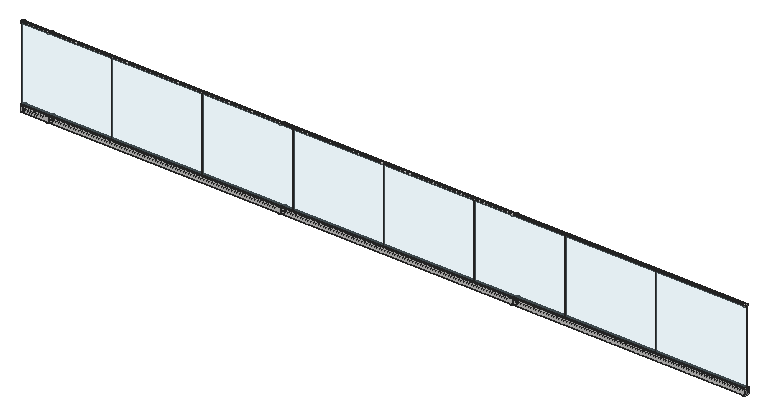
Revit family "34_LB_UNIQ_SB-O1S", category Generic Models, Revit 2016
Family settings
  Part Type = Normal
  Can host rebar = No
  Round Connector Dimension = Use Diameter
  Work Plane-Based = No
  Cut with Voids When Loaded = No
  Shared = No
  Room Calculation Point = No
Parameters (values of type "UNIQ_SB-O1S")
  verplatsing_passtuk [instance] = if(Passtuk_zichtbaar_omgekeerd, 0 mm, 100 mm)  # 0 mm
  Verstelbaar profiel = "nee"
  Uitvoering = "RVS look (standaard) materiaal is geanodiseerd en geschik voor binnen en buitengebruik."
  URL = "https://uniq-balustrades.com/profielen/top-mounted-o-small/uniq-sb-o-1s/"
  Profiel_zichtbaar_2 [instance] = [built-in parameter 1001306] > 7999 mm  # yes
  Profiel_zichtbaar_1 [instance] = and([built-in parameter 1001306] > 3999 mm, [built-in parameter 1001306] < 8000 mm)  # no
  Profiel_breedte_vast [instance] = 4000 mm  # constant formula
  Passtuk_zichtbaar_omgekeerd [instance] = not(Passtuk_zichtbaar)  # yes
  Passtuk_zichtbaar [instance] = or([built-in parameter 1001306] = 4000 mm, [built-in parameter 1001306] = 8000 mm, [built-in parameter 1001306] = 12000 mm, [built-in parameter 1001306] = 16000 mm, [built-in parameter 1001306] = 20000 mm, [built-in parameter 1001306] = 24000 mm, [built-in parameter 1001306] = 28000 mm, [built-in parameter 1001306] = 32000 mm, [built-in parameter 1001306] = 40000 mm)  # no
  Model = "UNIQ_SB-O1S"
  Materiaal_ribber = Rubber
  Materiaal_profiel = Aluminium
  Materiaal_pakking = Pakking
  Materiaal_glas = Glass
  Materiaal_afdekker = Aluminium
  Manufacturer = "SB Railing"
  built-in parameter 1001306 [instance] = 12500 mm
  Krachten = "Geschikt voor maximaal 1 KN"
  IsExternal [instance] = no
  IfcExportAs = "IfcRailing"
  Hoogte_railing [instance] = 1400 mm
  Hoogte_glas [instance] = Hoogte_railing - 16.7 mm - 21.9 mm  # 1361.4 mm
  Glas_dikte = 21.5 mm
  Gasdiktes = "Geschikt voor 8/8 pvb, 10/10 pvb en 15"
  FireRating [instance] = "0"
  Dikte_glas = 21.5 mm
  Description = "UNIQ SB-O1S | VLOERMONTAGE"
  Cover_front_CF-320 = no
  Cover_front_CF-312 = no
  Cover_front_CF-303 = no
  Cover_front_CF-300 = yes
  Breedte_passtuk [instance] = if([built-in parameter 1001306] > 8000 mm, [built-in parameter 1001306] - (Aantal_profielen * Profiel_breedte_vast), [built-in parameter 1001306] - 4000 mm)  # 500 mm
  Breedte_glasplaten [instance] = ([built-in parameter 1001306] - ((Aantal_glasplaten - 1) * 10 mm)) / Aantal_glasplaten  # 1553.75 mm
  Bovenrailing = yes
  Ber_breedte_passtuk_4 [instance] = if([built-in parameter 1001306] > 4000 mm, Ber_breedte_passtuk_3 - 4 mm, Ber_breedte_passtuk_3)  # 496 mm
  Ber_breedte_passtuk_3 [instance] = if(Passtuk_zichtbaar_omgekeerd, Ber_breedte_passtuk_2, 100 mm)  # 500 mm
  Ber_breedte_passtuk_2 [instance] = if([built-in parameter 1001306] > 4000 mm, Breedte_passtuk, [built-in parameter 1001306])  # 500 mm
  Ber_breedte_passtuk_5 [instance] = if([built-in parameter 1001306] > 8000 mm, Ber_breedte_passtuk_3 - (Aantal_profielen * 4 mm), Ber_breedte_passtuk_4)  # 488 mm
  Assembly Code = "34.11"
  Aantal_profielen [instance] = if([built-in parameter 1001306] < 8000 mm, 2, ([built-in parameter 1001306] / 4000 mm) - 0.5)  # 3
  Aantal_glasplaten [instance] = 8
Reference planes
  plane 1 "Center (Front/Back)": y = 0
  plane 2: z = 0
  plane 3 "Left": x = 0
  plane 4 "Right": x = 12500
  plane 5: through (0, 2, 1219.2) normal (-0.7071, 0.7071, 0)
  plane 6: x = 488
  plane 7: x = 0
  plane 8: x = 4492
  plane 9: x = 492
  plane 10: x = 4496
  plane 11: z = 1400
  plane 12: z = 23
Lines and regions (mm)
  reference lines
    curve 1: line (0, 0, 0) -> (12500, 0, 0)
Dimensions and locks
  "built-in parameter 1001306": plane 3 "Left" to plane 4 "Right"
  plane 3 "Left" to plane 4 "Right" = 12500 mm
  "verplatsing_passtuk": plane 7 to plane 3 "Left"
  equal spacing: group 1, group 2, group 3  (x3)
  plane 6 to plane 8 = 4004 mm
  locked: plane 6 to plane 9 at 4
  locked: plane 8 to plane 10 at 4
  "Ber_breedte_passtuk_5": plane 7 to plane 6
  nested 6 to nested 6 = 10 mm
  "Hoogte_railing": plane 11 to level
  plane 12 to level = 23 mm  (x2)
  aligned and locked: plane 4 "Right" to curve 1
  aligned and locked: plane 1 "Center (Front/Back)" to curve 1
  aligned and locked: plane 3 "Left" to curve 1
  aligned and locked: level to plane 2
  aligned and locked: nested 1 to level
  aligned and locked: nested 2 to level
  aligned and locked: nested 3 to level
  aligned and locked: plane 7 to nested 2  (x2)
  aligned and locked: plane 1 "Center (Front/Back)" to nested 2
  aligned and locked: plane 1 "Center (Front/Back)" to nested 1
  aligned and locked: plane 1 "Center (Front/Back)" to nested 3
  aligned and locked: nested 4 to level
  aligned and locked: plane 9 to nested 3
  aligned and locked: plane 9 to nested 1
  aligned and locked: plane 10 to nested 4
  aligned and locked: plane 3 "Left" to nested 5
Nested families
  nested 1: "UNIQ_SB-O1S" at (492, 0, 0), Lengte <- "built-in parameter 1001306", Ber_Lengte <- "Profiel_breedte_vast", visible <- "Profiel_zichtbaar_1", Hoogte <- "Hoogte_railing", Bovenrailing <- "Bovenrailing", type "UNIQ_SB-A1_8.8.2"
    with Rubber Rubber, Pakking Rubber, Materiaal_profiel Aluminium, Materiaal_afdekker Aluminium, Lengte_schroef 3950 mm, Lengte 12500 mm, Hoogte 1400 mm, HOH_schroef 100 mm, HOH_boorgat_onder 600 mm, HOH_boorgat 300 mm, Bovenrailing yes, Ber_Lengte 4000 mm, Aantal_boorgat_onder 7, Aantal_boorgat 13, Aantal 40
  nested 2: "UNIQ_SB-O1S" at (0, 0, 0), Lengte <- "built-in parameter 1001306", Ber_Lengte <- "Ber_breedte_passtuk_5", visible <- "Passtuk_zichtbaar_omgekeerd", Hoogte <- "Hoogte_railing", Bovenrailing <- "Bovenrailing", type "UNIQ_SB-A1_8.8.2"
    with Rubber Rubber, Pakking Rubber, Materiaal_profiel Aluminium, Materiaal_afdekker Aluminium, Lengte_schroef 438 mm, Lengte 12500 mm, Hoogte 1400 mm, HOH_schroef 100 mm, HOH_boorgat_onder 600 mm, HOH_boorgat 300 mm, Bovenrailing yes, Ber_Lengte 488 mm, Aantal_boorgat_onder 2, Aantal_boorgat 2, Aantal 4
  nested 3: "UNIQ_SB-O1S" at (492, 0, 0), Lengte <- "built-in parameter 1001306", Ber_Lengte <- "Profiel_breedte_vast", visible <- "Profiel_zichtbaar_2", Hoogte <- "Hoogte_railing", Bovenrailing <- "Bovenrailing", Materiaal_afdekker <- "Materiaal_afdekker", Materiaal_profiel <- "Materiaal_profiel", Pakking <- "Materiaal_pakking", Rubber <- "Materiaal_ribber", type "UNIQ_SB-A1_8.8.2"
    with Rubber Rubber, Pakking Pakking, Materiaal_profiel Aluminium, Materiaal_afdekker Aluminium, Lengte_schroef 3950 mm, Lengte 12500 mm, Hoogte 1400 mm, HOH_schroef 100 mm, HOH_boorgat_onder 600 mm, HOH_boorgat 300 mm, Bovenrailing yes, Ber_Lengte 4000 mm, Aantal_boorgat_onder 7, Aantal_boorgat 13, Aantal 40
  nested 4: "UNIQ_SB-O1S" at (4496, 0, 0), Lengte <- "built-in parameter 1001306", Ber_Lengte <- "Profiel_breedte_vast", visible <- "Profiel_zichtbaar_2", Hoogte <- "Hoogte_railing", Bovenrailing <- "Bovenrailing", Materiaal_afdekker <- "Materiaal_afdekker", Materiaal_profiel <- "Materiaal_profiel", Pakking <- "Materiaal_pakking", Rubber <- "Materiaal_ribber", type "UNIQ_SB-A1_8.8.2"
    with Rubber Rubber, Pakking Pakking, Materiaal_profiel Aluminium, Materiaal_afdekker Aluminium, Lengte_schroef 3950 mm, Lengte 12500 mm, Hoogte 1400 mm, HOH_schroef 100 mm, HOH_boorgat_onder 600 mm, HOH_boorgat 300 mm, Bovenrailing yes, Ber_Lengte 4000 mm, Aantal_boorgat_onder 7, Aantal_boorgat 13, Aantal 40
  nested 5: "34_glasplaat_tbv_railing_V2" at (0, 3.25, 23), Dikte_glas <- "Dikte_glas", Hoogte_glas <- "Hoogte_glas", Aantal_glasplaten <- "Aantal_glasplaten", Ber_lengte <- "built-in parameter 1001306", type "34_glasplaat_tbv_railing_V2"
    with Lengte 12510 mm, Hoogte_glas 1361.4 mm, Dikte_glas 21.5 mm, Breedte_glasplaat 1563.75 mm, Ber_lengte 12500 mm, Aantal_glasplaten 8
  nested 6: "34_glasplaat" at (10936.25, 3.25, 23), type "34_glasplaat"
    with Lengte 1563.75 mm, Hoogte 1361.4 mm, Glas_dikte 21.5 mm, Glas_breedte 1553.75 mm, Glas Glass
  nested 7: "34_glasplaat" at (-10, 3.25, 23), type "34_glasplaat"
    with Lengte 1563.75 mm, Hoogte 1361.4 mm, Glas_dikte 21.5 mm, Glas_breedte 1553.75 mm, Glas Glass
  nested 8: "34_glasplaat" at (9372.5, 3.25, 23), type "34_glasplaat"
    with Lengte 1563.75 mm, Hoogte 1361.4 mm, Glas_dikte 21.5 mm, Glas_breedte 1553.75 mm, Glas Glass
  nested 9: "34_glasplaat" at (7808.75, 3.25, 23), type "34_glasplaat"
    with Lengte 1563.75 mm, Hoogte 1361.4 mm, Glas_dikte 21.5 mm, Glas_breedte 1553.75 mm, Glas Glass
  nested 10: "34_glasplaat" at (6245, 3.25, 23), type "34_glasplaat"
    with Lengte 1563.75 mm, Hoogte 1361.4 mm, Glas_dikte 21.5 mm, Glas_breedte 1553.75 mm, Glas Glass
  nested 11: "34_glasplaat" at (4681.25, 3.25, 23), type "34_glasplaat"
    with Lengte 1563.75 mm, Hoogte 1361.4 mm, Glas_dikte 21.5 mm, Glas_breedte 1553.75 mm, Glas Glass
  nested 12: "34_glasplaat" at (3117.5, 3.25, 23), type "34_glasplaat"
    with Lengte 1563.75 mm, Hoogte 1361.4 mm, Glas_dikte 21.5 mm, Glas_breedte 1553.75 mm, Glas Glass
  nested 13: "34_glasplaat" at (1553.75, 3.25, 23), type "34_glasplaat"
    with Lengte 1563.75 mm, Hoogte 1361.4 mm, Glas_dikte 21.5 mm, Glas_breedte 1553.75 mm, Glas Glass
  nested 14: "UNIQ_SB-O1S" at (8500, 0, 0), Lengte <- "built-in parameter 1001306", Ber_Lengte <- "Profiel_breedte_vast", visible <- "Profiel_zichtbaar_2", Hoogte <- "Hoogte_railing", Bovenrailing <- "Bovenrailing", Materiaal_afdekker <- "Materiaal_afdekker", Materiaal_profiel <- "Materiaal_profiel", Pakking <- "Materiaal_pakking", Rubber <- "Materiaal_ribber", type "UNIQ_SB-A1_8.8.2"
    with Rubber Rubber, Pakking Pakking, Materiaal_profiel Aluminium, Materiaal_afdekker Aluminium, Lengte_schroef 3950 mm, Lengte 12500 mm, Hoogte 1400 mm, HOH_schroef 100 mm, HOH_boorgat_onder 600 mm, HOH_boorgat 300 mm, Bovenrailing yes, Ber_Lengte 4000 mm, Aantal_boorgat_onder 7, Aantal_boorgat 13, Aantal 40
Definition of nested family "UNIQ_SB-O1S"
  Parameters (values of type "UNIQ_SB-O0.5S")
    Rubber [instance] = none
    Pakking [instance] = none
    Materiaal_profiel [instance] = none
    Materiaal_afdekker [instance] = none
    Lengte_schroef [instance] = Ber_Lengte - 50 mm  # 1200 mm
    Lengte [instance] = 1250 mm
    Hoogte [instance] = 1200 mm
    HOH_schroef [instance] = if(Ber_Lengte > 200 mm, 100 mm, 20 mm)  # 100 mm
    HOH_boorgat_onder [instance] = 600 mm
    HOH_boorgat [instance] = 300 mm
    Bovenrailing [instance] = yes
    Ber_Lengte [instance] = 1250 mm
    Aantal_boorgat_onder [instance] = if(Ber_Lengte > 900 mm, Ber_Lengte / HOH_boorgat_onder, 2)  # 2
    Aantal_boorgat [instance] = if(Ber_Lengte > 450 mm, Ber_Lengte / HOH_boorgat, 2)  # 4
    Aantal [instance] = Lengte_schroef / HOH_schroef  # 12
  Types (2): name
    UNIQ_SB-O0.5S
    UNIQ_SB-A1_8.8.2
  Reference planes
    plane 1 "Center (Front/Back)": y = 0
    plane 2: z = 0
    plane 3 "Center (Left/Right)": x = 0
    plane 4: x = 1250
    plane 5: x = 50
    plane 6: y = 15.517
    plane 7: x = 200
    plane 8: x = 1254
    plane 9: z = 1200
    plane 10: z = 1181.136
  Forms (mm)
    Sweep 1, solid, material <- "Materiaal_profiel"
      path origin (0, -19, 0) x (1, 0, 0) y (0, 1, 0)
        loop
          line (0, 0) -> (1250, 0)
      profile "Profiel_SB-O1S : Profiel_SB-A2" origin (625, -19, 0) x (0, 1, 0) y (0, 0, 1)
        loop
          arc (4, 7.5) -> (4.146, 7.146) -> (4.5, 7) r 0.5
          line (4.5, 7) -> (33.5, 7)
          arc (33.5, 7) -> (33.854, 7.146) -> (34, 7.5) r 0.5
          line (34, 7.5) -> (34, 19)
          arc (34, 19) -> (33.854, 19.354) -> (33.5, 19.5) r 0.5
          line (33.5, 19.5) -> (4.5, 19.5)
          arc (4.5, 19.5) -> (4.146, 19.354) -> (4, 19) r 0.5
          line (4, 19) -> (4, 7.5)
        loop
          arc (54, 111.5) -> (53.854, 111.854) -> (53.5, 112) r 0.5
          line (53.5, 112) -> (34, 112) -> (34, 22) -> (18.292, 22) -> (4.916, 22) -> (-7, 67.005) -> (-7, 101) -> (-8.6, 101) -> (-8.6, 112) -> (-10.1, 112) -> (-10.1, 109) -> (-11.5, 109) -> (-11.5, 112) -> (-13, 112) -> (-13, 1)
          arc (-13, 1) -> (-12.707, 0.293) -> (-12, 0) r 1
          line (-12, 0) -> (3, 0)
          arc (3, 0) -> (3.707, 0.293) -> (4, 1) r 1
          line (4, 1) -> (4, 2) -> (19.507, 2) -> (34, 2) -> (34, 1)
          arc (34, 1) -> (34.293, 0.293) -> (35, 0) r 1
          line (35, 0) -> (53, 0)
          arc (53, 0) -> (53.707, 0.293) -> (54, 1) r 1
          line (54, 1) -> (54, 111.5)
    Sweep 2, solid, material <- "Pakking"
      path origin (0, -639, 0) x (1, 0, 0) y (0, 1, 0)
        loop
          line (0, 620) -> (1250, 620)
      profile "Rubber_onder_SB-O1S : Rubber_onder" origin (625, -19, 0) x (0, 1, 0) y (0, 0, 1)
        loop
          line (34, 23) -> (9.48, 23) -> (9.48, 22) -> (34, 22) -> (34, 23)
    Sweep 3, solid, material <- "Pakking"
      path origin (0, -899, 0) x (1, 0, 0) y (0, 1, 0)
        loop
          line (0, 880) -> (1250, 880)
      profile "Rubber_achter_SB-O1S : Rubber_voor" origin (625, -19, 0) x (0, 1, 0) y (0, 0, 1)
        loop
          line (11.48, 103) -> (9.48, 103) -> (9.48, 23) -> (11.48, 23) -> (11.48, 103)
    Sweep 4, solid
      path origin (0, -1119, 0) x (1, 0, 0) y (0, 1, 0)
        loop
          line (0, 1100) -> (1250, 1100)
      profile "Stelprofiel_01_SB-O1S : Stelprofiel_01" origin (625, -19, 0) x (0, 1, 0) y (0, 0, 1)
        loop
          line (8.98, 98.359) -> (2.98, 98.359)
          arc (2.98, 98.359) -> (2.626, 98.212) -> (2.48, 97.859) r 0.5
          line (2.48, 97.859) -> (2.48, 95.859)
          arc (2.48, 95.859) -> (2.334, 95.505) -> (1.98, 95.359) r 0.5
          line (1.98, 95.359) -> (0.48, 95.359)
          arc (0.48, 95.359) -> (0.126, 95.212) -> (-0.02, 94.859) r 0.5
          line (-0.02, 94.859) -> (-0.02, 79.859)
          arc (-0.02, 79.859) -> (0.126, 79.505) -> (0.48, 79.359) r 0.5
          line (0.48, 79.359) -> (2.48, 79.359) -> (2.48, 77.359) -> (4.481, 38.336) -> (4.481, 36.359)
          arc (4.481, 36.359) -> (4.335, 36.005) -> (3.981, 35.859) r 0.5
          line (3.981, 35.859) -> (1.223, 35.859) -> (3.233, 28.359) -> (8.98, 28.359)
          arc (8.98, 28.359) -> (9.334, 28.505) -> (9.48, 28.859) r 0.5
          line (9.48, 28.859) -> (9.48, 97.859)
          arc (9.48, 97.859) -> (9.334, 98.212) -> (8.98, 98.359) r 0.5
    Sweep 5, solid, material <- "Materiaal_afdekker"
      path origin (0, -2079, 0) x (1, 0, 0) y (0, 1, 0)
        loop
          line (0, 2060) -> (1250, 2060)
      profile "Afdekker_achter_01_SB-O1S : Afdekker_achter_01" origin (625, -19, 0) x (0, 1, 0) y (0, 0, 1)
        loop
          line (-13, 113.3) -> (-13, 112) -> (-11.5, 112) -> (-11.5, 109) -> (-10.1, 109) -> (-10.1, 112) -> (-8.6, 112) -> (-8.6, 101) -> (-7, 101) -> (-7, 112.2) -> (-1.1, 112.2) -> (-1.1, 105.1) -> (8.011, 105.1) -> (8.011, 106.2) -> (0, 106.2) -> (0, 112.2) -> (8.011, 112.2) -> (8.011, 113.3) -> (-13, 113.3)
    Sweep 6, solid, material <- "Rubber"
      path origin (0, -1359, 0) x (1, 0, 0) y (0, 1, 0)
        loop
          line (0, 1340) -> (1250, 1340)
      profile "Afdekker_achter_02_SB-O1S : Afdekker_achter_02" origin (625, -19, 0) x (0, 1, 0) y (0, 0, 1)
        loop
          line (8.813, 107.095) -> (11.48, 115.73) -> (11.48, 116.73) -> (10.48, 116.73) -> (8.844, 112.2) -> (1.91, 112.2) -> (0, 110.966) -> (0, 107.434) -> (1.91, 106.2) -> (8.811, 106.2) -> (8.813, 107.095)
    Sweep 7, solid, not visible
      path origin (-1900, -1400, 0) x (1, 0, 0) y (0, 1, 0)
        loop
          line (621, 1400) -> (629, 1400)
      profile "Stelprofiel_02 : Stelprofiel_02" origin (-1275, 0, 0) x (0, 1, 0) y (0, 0, 1)
        loop
          line (9, 166.532) -> (13.74, 166.532) -> (13.74, 174.532) -> (9, 174.532) -> (9, 166.532)
    Sweep 8, solid, not visible
      path origin (-1900, -1680, 0) x (1, 0, 0) y (0, 1, 0)
        loop
          line (617.493, 1680) -> (632.507, 1680)
      profile "Stelprofiel_03 : Stelprofiel_03" origin (-1275, 0, 0) x (0, 1, 0) y (0, 0, 1)
        loop
          line (9, 163.024) -> (9, 178.039) -> (6.758, 178.039) -> (6, 176.096) -> (6, 164.966) -> (6.757, 163.024) -> (9, 163.024)
    Extrusion 9, void, not visible
      sketch origin (-1279, 13.74, 174.532) x (-1, 0, 0) y (0, 0, -1)
        loop
          line (-9, 9) -> (-9, -1) -> (1, -1) -> (1, 9) -> (-9, 9)
        loop
          circle (-4, 4) r 4
      from -7.62 to 4.74
    Extrusion 10, void, not visible
      sketch origin (-1279, 13.74, 174.532) x (-1, 0, 0) y (0, 0, -1)
        loop
          line (-12.507, -4.507) -> (4.507, -4.507) -> (4.507, 12.507) -> (-12.507, 12.507) -> (-12.507, -4.507)
        loop
          line (-6.507, 11.507) -> (-11.507, 6.507) -> (-11.507, 1.493) -> (-6.507, -3.507) -> (-1.493, -3.507) -> (3.507, 1.493) -> (3.507, 6.507) -> (-1.493, 11.507) -> (-6.507, 11.507)
      from 4.74 to 9.74
    Sweep 11, solid, not visible
      path origin (-1900, -1400, 0) x (1, 0, 0) y (0, 1, 0)
        loop
          line (621, 1400) -> (629, 1400)
      profile "Stelprofiel_02 : Stelprofiel_02" origin (-1275, 0, 0) x (0, 1, 0) y (0, 0, 1)
        loop
          line (9, 166.532) -> (13.74, 166.532) -> (13.74, 174.532) -> (9, 174.532) -> (9, 166.532)
    Sweep 12, solid, not visible
      path origin (-1900, -1680, 0) x (1, 0, 0) y (0, 1, 0)
        loop
          line (617.493, 1680) -> (632.507, 1680)
      profile "Stelprofiel_03 : Stelprofiel_03" origin (-1275, 0, 0) x (0, 1, 0) y (0, 0, 1)
        loop
          line (9, 163.024) -> (9, 178.039) -> (6.758, 178.039) -> (6, 176.096) -> (6, 164.966) -> (6.757, 163.024) -> (9, 163.024)
    Extrusion 13, void, not visible
      sketch origin (-1279, 13.74, 174.532) x (-1, 0, 0) y (0, 0, -1)
        loop
          line (-9, 9) -> (-9, -1) -> (1, -1) -> (1, 9) -> (-9, 9)
        loop
          circle (-4, 4) r 4
      from -7.62 to 4.74
    Extrusion 14, void, not visible
      sketch origin (-1279, 13.74, 174.532) x (-1, 0, 0) y (0, 0, -1)
        loop
          line (-12.507, -4.507) -> (4.507, -4.507) -> (4.507, 12.507) -> (-12.507, 12.507) -> (-12.507, -4.507)
        loop
          line (-6.507, 11.507) -> (-11.507, 6.507) -> (-11.507, 1.493) -> (-6.507, -3.507) -> (-1.493, -3.507) -> (3.507, 1.493) -> (3.507, 6.507) -> (-1.493, 11.507) -> (-6.507, 11.507)
      from 4.74 to 9.74
    Extrusion 15, void, not visible
      sketch origin (210, 7, 13.764) x (-1, 0, 0) y (0, 0, 1)
        loop
          circle (112.168, 86.236) r 22.5
      from 34.517 to 87
    Extrusion 16, void, not visible
      sketch origin (210, 0, 13.5) x (1, 0, 0) y (0, 0, 1)
        loop
          arc (-117.168, 93.5) -> (-124.168, 86.5) -> (-117.168, 79.5) r 7
          line (-117.168, 79.5) -> (-107.168, 79.5)
          arc (-107.168, 79.5) -> (-100.168, 86.5) -> (-107.168, 93.5) r 7
          line (-107.168, 93.5) -> (-117.168, 93.5)
      from -6.381 to 4.008
    Extrusion 17, void
      sketch origin (274.606, 15.257, 26) x (1, 0, 0) y (0, 1, 0)
        loop
          arc (-80.411, -8.257) -> (-86.618, -15.636) -> (-79.607, -22.257) r 7.023
          line (-79.607, -22.257) -> (-69.606, -22.257)
          arc (-69.606, -22.257) -> (-62.606, -15.257) -> (-69.606, -8.257) r 7
          line (-69.606, -8.257) -> (-80.411, -8.257)
      from -24 to -19
    Extrusion 18, void, not visible
      sketch origin (274.606, 34.257, 26) x (1, 0, 0) y (0, 1, 0)
        loop
          arc (-80.411, -8.257) -> (-86.618, -15.636) -> (-79.607, -22.257) r 7.023
          line (-79.607, -22.257) -> (-69.606, -22.257)
          arc (-69.606, -22.257) -> (-62.606, -15.257) -> (-69.606, -8.257) r 7
          line (-69.606, -8.257) -> (-80.411, -8.257)
      from -24 to -19
    Extrusion 19, void
      sketch origin (874.606, 15.257, 26) x (1, 0, 0) y (0, 1, 0)
        loop
          arc (-80.411, -8.257) -> (-86.618, -15.636) -> (-79.607, -22.257) r 7.023
          line (-79.607, -22.257) -> (-69.606, -22.257)
          arc (-69.606, -22.257) -> (-62.606, -15.257) -> (-69.606, -8.257) r 7
          line (-69.606, -8.257) -> (-80.411, -8.257)
      from -24 to -19
    Extrusion 20, solid, material <- "Materiaal_afdekker", visible <- "Bovenrailing"
      sketch origin (0, 14.64, 0) x (0, 1, 0) y (0, 0, 1)
        loop
          arc (-24.9, 1166.63) -> (-11.4, 1199) -> (2.1, 1166.63) r 19
          line (2.1, 1166.63) -> (2.1, 1188.388) -> (-24.9, 1188.388) -> (-24.9, 1166.63)
        loop
          arc (2.811, 1165.927) -> (1.72, 1165.705) -> (1.1, 1166.63) r 1
          line (1.1, 1166.63) -> (1.1, 1187.388) -> (-23.9, 1187.388) -> (-23.9, 1166.63)
          arc (-23.9, 1166.63) -> (-24.519, 1165.705) -> (-25.61, 1165.927) r 1
          arc (-25.61, 1165.927) -> (-11.4, 1200) -> (2.811, 1165.927) r 20
      from 0 to 1250
    Extrusion 21, solid, material <- "Rubber", visible <- "Bovenrailing"
      sketch origin (0, 14.64, -4.375) x (0, 1, 0) y (0, 0, 1)
        loop
          line (-22.16, 1188.763) -> (-0.64, 1188.763) -> (-0.64, 1168.715) -> (1.1, 1170.455) -> (1.1, 1190.263)
          arc (1.1, 1190.263) -> (0.661, 1191.323) -> (-0.4, 1191.763) r 1.5
          line (-0.4, 1191.763) -> (-3.9, 1191.763) -> (-4.96, 1190.702) -> (-17.839, 1190.702) -> (-18.9, 1191.763) -> (-22.4, 1191.763)
          arc (-22.4, 1191.763) -> (-23.46, 1191.323) -> (-23.9, 1190.263) r 1.5
          line (-23.9, 1190.263) -> (-23.9, 1170.455) -> (-22.16, 1168.715) -> (-22.16, 1188.763)
        loop
          line (-18.248, 1189.904) -> (-19.607, 1191.263) -> (-21.16, 1191.263)
          arc (-21.16, 1191.263) -> (-21.984, 1190.829) -> (-22.093, 1189.904) r 1
          line (-22.093, 1189.904) -> (-18.248, 1189.904)
        loop
          arc (-0.706, 1189.904) -> (-0.815, 1190.829) -> (-1.64, 1191.263) r 1
          line (-1.64, 1191.263) -> (-3.193, 1191.263) -> (-4.551, 1189.904) -> (-0.706, 1189.904)
      from 0 to 1250
    Sweep 22, solid, material <- "Pakking"
      path origin (0, -899, 0) x (1, 0, 0) y (0, 1, 0)
        loop
          line (0, 880) -> (1250, 880)
      profile "Rubber_voor_SB-O1S : Rubber_voor" origin (625, -19, 0) x (0, 1, 0) y (0, 0, 1)
        loop
          line (34, 112) -> (33, 112) -> (33, 23) -> (34, 23) -> (34, 112)
  Cuts and joins
    Extrusion 17, Extrusion 19 cuts Sweep 1
  Lines and regions (mm)
    model lines, not visible
      curve 1: circle (-1275, 13.74, 170.532) r 4 normal (0, 1, 0)
      curve 2: circle (-1275, 13.74, 170.532) r 4 normal (0, 1, 0)
      curve 3: line (-1275, 9, 0) -> (-1275, 13.74, 0)
      curve 4: line (97.832, 0, 50) -> (97.832, 0, 62)
    model lines
      curve 5: line (0, -17.52, 85.459) -> (0, -34.322, 85.459)
  Dimensions and locks
    "Ber_Lengte": plane 3 "Center (Left/Right)" to plane 4
    "Lengte_schroef": plane 5 to plane 4
    group 4 to group 6 = 600 mm
    group 4 to group 6 = 0 mm  (x2)
    plane 7 to plane 3 "Center (Left/Right)" = 200 mm  (x2)
    plane 5 to plane 3 "Center (Left/Right)" = 50 mm  (x2)
    plane 3 "Center (Left/Right)" to plane 4 = 1250 mm
    locked: plane 4 to plane 8 at 4
    "Hoogte": plane 9 to level
    locked: plane 9 to plane 10 at 18.864
    equal spacing: group 7, group 8, group 9, group 10, group 11, group 12, group 13, group 14, group 15, group 16, group 17, group 18  (x3)
    "HOH_schroef": nested 1 to nested 2
    aligned and locked: level to plane 2
    aligned and locked: plane 4 to Sweep 1 sketch curve
    aligned and locked: plane 3 "Center (Left/Right)" to Sweep 1 sketch curve
    aligned and locked: plane 4 to Sweep 2 sketch curve
    aligned and locked: plane 3 "Center (Left/Right)" to Sweep 2 sketch curve
    aligned and locked: plane 3 "Center (Left/Right)" to Sweep 3 sketch curve
    aligned and locked: plane 4 to Sweep 3 sketch curve
    aligned and locked: plane 3 "Center (Left/Right)" to Sweep 4 sketch curve
    aligned and locked: plane 4 to Sweep 4 sketch curve
    aligned and locked: plane 3 "Center (Left/Right)" to Sweep 5 sketch curve
    aligned and locked: plane 4 to Sweep 5 sketch curve
    aligned and locked: plane 3 "Center (Left/Right)" to Sweep 6 sketch curve
    aligned and locked: plane 4 to Sweep 6 sketch curve
    aligned and locked: plane 4 to Extrusion 20
    aligned and locked: plane 4 to Extrusion 21
    aligned and locked: plane 5 to nested 1
  Automatic sketch dimensions
    Sweep 8 sketch curve to Sweep 8 sketch curve = 15.015 mm
    Sweep 7 to Extrusion 9 sketch curve = 1 mm  (x2)
    Extrusion 9 sketch curve to Sweep 7 = 4 mm
    Extrusion 9 sketch curve to Sweep 7 = 1 mm  (x2)
    Sweep 7 to Extrusion 9 sketch curve = 4 mm
    Sweep 7 to Extrusion 10 sketch curve = 4.507 mm  (x2)
    Sweep 7 to Extrusion 10 sketch curve = 1.493 mm  (x4)
    Sweep 7 to Extrusion 10 sketch curve = 3.507 mm  (x2)
    Extrusion 10 sketch curve to Sweep 7 = 1.493 mm  (x4)
    Extrusion 10 sketch curve to Sweep 7 = 3.507 mm  (x2)
    Extrusion 10 sketch curve to Sweep 7 = 4.507 mm  (x2)
    Sweep 7 sketch curve to Sweep 7 sketch curve = 8 mm
    Sweep 12 sketch curve to Sweep 12 sketch curve = 15.015 mm
    Sweep 11 to Extrusion 13 sketch curve = 1 mm  (x2)
    Extrusion 13 sketch curve to Sweep 11 = 4 mm
    Extrusion 13 sketch curve to Sweep 11 = 1 mm  (x2)
    Sweep 11 to Extrusion 13 sketch curve = 4 mm
    Sweep 11 to Extrusion 14 sketch curve = 4.507 mm  (x2)
    Sweep 11 to Extrusion 14 sketch curve = 1.493 mm  (x4)
    Sweep 11 to Extrusion 14 sketch curve = 3.507 mm  (x2)
    Extrusion 14 sketch curve to Sweep 11 = 1.493 mm  (x4)
    Extrusion 14 sketch curve to Sweep 11 = 3.507 mm  (x2)
    Extrusion 14 sketch curve to Sweep 11 = 4.507 mm  (x2)
    Sweep 11 sketch curve to Sweep 11 sketch curve = 8 mm
    curve 3 to curve 3 = 4.74 mm
    curve 4 to curve 4 = 12 mm
    Extrusion 16 sketch curve to Extrusion 16 sketch curve = 10 mm
    Extrusion 16 sketch curve to Extrusion 16 sketch curve = 7 mm
    plane 1 "Center (Front/Back)" to Sweep 1 sketch curve = 19 mm
    plane 1 "Center (Front/Back)" to Sweep 2 sketch curve = 19 mm
    plane 1 "Center (Front/Back)" to Sweep 3 sketch curve = 19 mm
    plane 1 "Center (Front/Back)" to Sweep 4 sketch curve = 19 mm
    plane 1 "Center (Front/Back)" to Sweep 5 sketch curve = 19 mm
    plane 1 "Center (Front/Back)" to Sweep 6 sketch curve = 19 mm
    Sweep 22 sketch curve to plane 3 "Center (Left/Right)" = 0 mm
    Sweep 22 sketch curve to plane 4 = 0 mm
    plane 1 "Center (Front/Back)" to Sweep 22 sketch curve = 19 mm
    Extrusion 21 sketch curve to Extrusion 21 sketch curve = 1.5 mm  (x2)
    Extrusion 21 sketch curve to Extrusion 21 sketch curve = 0.307 mm  (x2)
    Extrusion 21 sketch curve to Extrusion 21 sketch curve = 0.933 mm  (x2)
    Extrusion 21 sketch curve to Extrusion 21 sketch curve = 1.74 mm  (x3)
    Extrusion 21 sketch curve to Extrusion 21 sketch curve = 1.553 mm  (x2)
    Extrusion 21 sketch curve to Extrusion 21 sketch curve = 0.707 mm  (x2)
    Extrusion 21 sketch curve to Extrusion 21 sketch curve = 3.912 mm
    Extrusion 21 sketch curve to Extrusion 21 sketch curve = 0.409 mm  (x2)
    Extrusion 21 sketch curve to Extrusion 21 sketch curve = 12.879 mm
    Extrusion 21 sketch curve to Extrusion 21 sketch curve = 1.061 mm  (x2)
    Extrusion 21 sketch curve to Extrusion 21 sketch curve = 21.52 mm
    Extrusion 21 sketch curve to Extrusion 21 sketch curve = 0 mm
    Extrusion 21 sketch curve to Extrusion 21 sketch curve = 0.5 mm  (x2)
    Extrusion 21 sketch curve to Extrusion 21 sketch curve = 1 mm  (x2)
    Extrusion 21 sketch curve to Extrusion 21 sketch curve = 1.141 mm
    Extrusion 21 sketch curve to Extrusion 21 sketch curve = 18.307 mm  (x2)
    plane 6 to Extrusion 21 sketch curve = 24.777 mm
    Extrusion 21 sketch curve to plane 10 = 16.796 mm
    Extrusion 19 sketch curve to Extrusion 19 sketch curve = 10.001 mm
    Extrusion 19 sketch curve to Extrusion 19 sketch curve = 7 mm
    Extrusion 19 sketch curve to Extrusion 19 sketch curve = 0.804 mm
    Extrusion 17 sketch curve to Extrusion 17 sketch curve = 10.001 mm
    Extrusion 17 sketch curve to Extrusion 17 sketch curve = 7 mm
    Extrusion 17 sketch curve to Extrusion 17 sketch curve = 0.804 mm
    Extrusion 18 sketch curve to Extrusion 18 sketch curve = 10.001 mm
    Extrusion 18 sketch curve to Extrusion 18 sketch curve = 7 mm
    Extrusion 18 sketch curve to Extrusion 18 sketch curve = 0.804 mm
    plane 1 "Center (Front/Back)" to curve 5 = 34.322 mm
    level to curve 5 = 85.459 mm
    curve 5 to curve 5 = 16.802 mm
    Extrusion 20 sketch curve to Extrusion 20 sketch curve = 0 mm  (x6)
    plane 1 "Center (Front/Back)" to Extrusion 20 sketch curve = 10.26 mm
    Extrusion 20 sketch curve to Extrusion 20 sketch curve = 1 mm  (x2)
    Extrusion 20 sketch curve to plane 10 = 1.136 mm
    Extrusion 20 sketch curve to plane 1 "Center (Front/Back)" = 3.24 mm
    Extrusion 20 sketch curve to plane 6 = 0.223 mm
    Extrusion 20 sketch curve to plane 6 = 1.223 mm
    Extrusion 20 sketch curve to plane 10 = 14.506 mm  (x2)
    plane 10 to Extrusion 20 sketch curve = 6.251 mm
    radius of Extrusion 9 sketch curve = 4 mm
    radius of Extrusion 13 sketch curve = 4 mm
    radius of Extrusion 15 sketch curve = 22.5 mm
  Nested families
    nested 1: "06_Stelprofiel_04_SCHROEF_SB-O1S" at (42.5, 0, -0.004), type "06_Stelprofiel_04_SCHROEF"
    nested 2: "06_Stelprofiel_04_SCHROEF_SB-O1S" at (142.5, 0, -0.004), type "06_Stelprofiel_04_SCHROEF"
    nested 3: "06_Stelprofiel_04_SCHROEF_SB-O1S" at (242.5, 0, -0.004), type "06_Stelprofiel_04_SCHROEF"
    nested 4: "06_Stelprofiel_04_SCHROEF_SB-O1S" at (342.5, 0, -0.004), type "06_Stelprofiel_04_SCHROEF"
    nested 5: "06_Stelprofiel_04_SCHROEF_SB-O1S" at (442.5, 0, -0.004), type "06_Stelprofiel_04_SCHROEF"
    nested 6: "06_Stelprofiel_04_SCHROEF_SB-O1S" at (542.5, 0, -0.004), type "06_Stelprofiel_04_SCHROEF"
    nested 7: "06_Stelprofiel_04_SCHROEF_SB-O1S" at (642.5, 0, -0.004), type "06_Stelprofiel_04_SCHROEF"
    nested 8: "06_Stelprofiel_04_SCHROEF_SB-O1S" at (742.5, 0, -0.004), type "06_Stelprofiel_04_SCHROEF"
    nested 9: "06_Stelprofiel_04_SCHROEF_SB-O1S" at (842.5, 0, -0.004), type "06_Stelprofiel_04_SCHROEF"
    nested 10: "06_Stelprofiel_04_SCHROEF_SB-O1S" at (942.5, 0, -0.004), type "06_Stelprofiel_04_SCHROEF"
    nested 11: "06_Stelprofiel_04_SCHROEF_SB-O1S" at (1042.5, 0, -0.004), type "06_Stelprofiel_04_SCHROEF"
    nested 12: "06_Stelprofiel_04_SCHROEF_SB-O1S" at (1142.5, 0, -0.004), type "06_Stelprofiel_04_SCHROEF"
  Definition of nested family "06_Stelprofiel_04_SCHROEF_SB-O1S"
    Reference planes
      plane 1 "Center (Front/Back)": y = 0
      plane 2: z = 0
      plane 3 "Center (Left/Right)": x = 0
    Forms (mm)
      Extrusion 1, solid
        sketch origin (0, -20.02, -83.172) x (1, 0, 0) y (0, 0, 1)
          loop
            circle (7.504, 170.535) r 3.996
        from -1 to 2.98
      Sweep 2, solid
        path origin (0, -13, -83.172) x (1, 0, 0) y (0, 1, 0)
          loop
            line (0, 0) -> (15, 0)
        profile "06_Stelprofiel_03 : 06_Stelprofiel_03" origin (7.5, -13, -83.172) x (0, 1, 0) y (0, 0, 1)
          loop
            line (-12.243, 163.024) -> (-10, 163.024) -> (-10, 178.038) -> (-12.242, 178.038) -> (-13, 176.096) -> (-13, 164.966) -> (-12.243, 163.024)
      Extrusion 3, void
        sketch origin (0, -18.26, -83.172) x (1, 0, 0) y (0, 0, 1)
          loop
            line (16, 179.038) -> (-1, 179.038) -> (-1, 162.024) -> (16, 162.024) -> (16, 179.038)
          loop
            line (15, 173.038) -> (10, 178.038) -> (5, 178.038) -> (0, 173.038) -> (0, 168.024) -> (5, 163.024) -> (10, 163.024) -> (15, 168.024) -> (15, 173.038)
        from 4.74 to 7.74
      Extrusion 4, solid, not visible
        sketch origin (0, -20.02, -83.172) x (1, 0, 0) y (0, 0, 1)
          loop
            circle (7.504, 170.535) r 3.996
        from -1 to 2.98
      Sweep 5, solid, not visible
        path origin (0, -13, -83.172) x (1, 0, 0) y (0, 1, 0)
          loop
            line (0, 0) -> (15, 0)
        profile "06_Stelprofiel_03 : 06_Stelprofiel_03" origin (7.5, -13, -83.172) x (0, 1, 0) y (0, 0, 1)
          loop
            line (-12.243, 163.024) -> (-10, 163.024) -> (-10, 178.038) -> (-12.242, 178.038) -> (-13, 176.096) -> (-13, 164.966) -> (-12.243, 163.024)
      Extrusion 6, void, not visible
        sketch origin (0, -18.26, -83.172) x (1, 0, 0) y (0, 0, 1)
          loop
            line (16, 179.038) -> (-1, 179.038) -> (-1, 162.024) -> (16, 162.024) -> (16, 179.038)
          loop
            line (15, 173.038) -> (10, 178.038) -> (5, 178.038) -> (0, 173.038) -> (0, 168.024) -> (5, 163.024) -> (10, 163.024) -> (15, 168.024) -> (15, 173.038)
        from 4.74 to 7.74
    Cuts and joins
      Extrusion 3 cuts Sweep 2
    Lines and regions (mm)
      model lines
        curve 1: line (7.5, -4.74, 0) -> (7.5, 0, 0)
      model lines, not visible
        curve 2: line (7.5, -4.74, 0) -> (7.5, 0, 0)
    Dimensions and locks
      aligned and locked: level to plane 2
Definition of nested family "34_glasplaat"
  Parameters (values of type "34_glasplaat")
    Lengte [instance] = 1200 mm
    Hoogte [instance] = 800 mm
    Glas_dikte [instance] = 21.5 mm
    Glas_breedte [instance] = Lengte - 10 mm  # 1190 mm
    Glas [instance] = none
  Types (2): name
    34_glasplaat
    34_glasplaat 2
  Reference planes
    plane 1 "Center (Front/Back)": y = 0
    plane 2: z = 0
    plane 3 "Center (Left/Right)": x = 0
    plane 4: x = 1200
    plane 5: z = 800
    plane 6: y = 10.75
    plane 7: y = -10.75
    plane 8: x = 10
  Forms (mm)
    Extrusion 1, solid, material <- "Glas"
      sketch origin (0, 0, 0) x (1, 0, 0) y (0, 1, 0)
        loop
          line (10, -10.75) -> (1200, -10.75) -> (1200, 10.75) -> (10, 10.75) -> (10, -10.75)
      from 0 to 800
  Dimensions and locks
    "Lengte": plane 3 "Center (Left/Right)" to plane 4
    "Hoogte": plane 5 to level
    "Glas_dikte": plane 6 to plane 7
    equal spacing: plane 6, plane 1 "Center (Front/Back)", plane 7
    locked: plane 3 "Center (Left/Right)" to plane 8 at 10
    aligned and locked: level to plane 2
    aligned and locked: Extrusion 1 sketch curve to plane 7
    aligned and locked: Extrusion 1 to plane 8
    aligned and locked: plane 6 to Extrusion 1 sketch curve
    aligned and locked: plane 5 to Extrusion 1
  Automatic sketch dimensions
    Extrusion 1 sketch curve to plane 8 = 0 mm
    Extrusion 1 sketch curve to plane 4 = 0 mm
Definition of nested family "34_glasplaat_tbv_railing_V2"
  Parameters (values of type "34_glasplaat_tbv_railing_V2")
    Materiaal_glas = none
    Lengte [instance] = Ber_lengte + 10 mm  # 5000 mm
    Hoogte_glas [instance] = 1000 mm
    Dikte_glas [instance] = 21.5 mm
    Breedte_glasplaat [instance] = Lengte / Aantal_glasplaten  # 1000 mm
    Ber_lengte [instance] = 4990 mm
    Aantal_glasplaten [instance] = 5
  Reference planes
    plane 1 "Center (Front/Back)": y = 0
    plane 2: z = 0
    plane 3 "Center (Left/Right)": x = 0
    plane 4: x = 5000
    plane 5: x = 4990
  Dimensions and locks
    "Lengte": plane 3 "Center (Left/Right)" to plane 4
    equal spacing: group 1, group 2, group 3, group 4, group 5  (x3)
    locked: plane 5 to plane 4 at 10
    aligned and locked: level to plane 2
    aligned and locked: plane 1 "Center (Front/Back)" to nested 1
    aligned and locked: nested 1 to plane 3 "Center (Left/Right)"
    aligned and locked: nested 2 to nested 1
  Nested families
    nested 1: "34_glasplaat" at (-10, 0, 0), Glas <- "Materiaal_glas", Lengte <- "Breedte_glasplaat", Hoogte <- "Hoogte_glas", Glas_dikte <- "Dikte_glas", type "34_glasplaat"
      with Lengte 1000 mm, Hoogte 1000 mm, Glas_dikte 21.5 mm, Glas_breedte 990 mm, Glas none
    nested 2: "34_glasplaat" at (990, 0, 0), Glas <- "Materiaal_glas", Lengte <- "Breedte_glasplaat", Hoogte <- "Hoogte_glas", Glas_dikte <- "Dikte_glas", type "34_glasplaat"
      with Lengte 1000 mm, Hoogte 1000 mm, Glas_dikte 21.5 mm, Glas_breedte 990 mm, Glas none
    nested 3: "34_glasplaat" at (1990, 0, 0), Glas <- "Materiaal_glas", Lengte <- "Breedte_glasplaat", Hoogte <- "Hoogte_glas", Glas_dikte <- "Dikte_glas", type "34_glasplaat"
      with Lengte 1000 mm, Hoogte 1000 mm, Glas_dikte 21.5 mm, Glas_breedte 990 mm, Glas none
    nested 4: "34_glasplaat" at (2990, 0, 0), Glas <- "Materiaal_glas", Lengte <- "Breedte_glasplaat", Hoogte <- "Hoogte_glas", Glas_dikte <- "Dikte_glas", type "34_glasplaat"
      with Lengte 1000 mm, Hoogte 1000 mm, Glas_dikte 21.5 mm, Glas_breedte 990 mm, Glas none
    nested 5: "34_glasplaat" at (3990, 0, 0), Glas <- "Materiaal_glas", Lengte <- "Breedte_glasplaat", Hoogte <- "Hoogte_glas", Glas_dikte <- "Dikte_glas", type "34_glasplaat"
      with Lengte 1000 mm, Hoogte 1000 mm, Glas_dikte 21.5 mm, Glas_breedte 990 mm, Glas none
  Definition of nested family "34_glasplaat"
    Parameters (values of type "34_glasplaat")
      Lengte [instance] = 1200 mm
      Hoogte [instance] = 800 mm
      Glas_dikte [instance] = 21.5 mm
      Glas_breedte [instance] = Lengte - 10 mm  # 1190 mm
      Glas [instance] = none
    Types (2): name
      34_glasplaat
      34_glasplaat 2
    Reference planes
      plane 1 "Center (Front/Back)": y = 0
      plane 2: z = 0
      plane 3 "Center (Left/Right)": x = 0
      plane 4: x = 1200
      plane 5: z = 800
      plane 6: y = 10.75
      plane 7: y = -10.75
      plane 8: x = 10
    Forms (mm)
      Extrusion 1, solid, material <- "Glas"
        sketch origin (0, 0, 0) x (1, 0, 0) y (0, 1, 0)
          loop
            line (10, -10.75) -> (1200, -10.75) -> (1200, 10.75) -> (10, 10.75) -> (10, -10.75)
        from 0 to 800
    Dimensions and locks
      "Lengte": plane 3 "Center (Left/Right)" to plane 4
      "Hoogte": plane 5 to level
      "Glas_dikte": plane 6 to plane 7
      equal spacing: plane 6, plane 1 "Center (Front/Back)", plane 7
      locked: plane 3 "Center (Left/Right)" to plane 8 at 10
      aligned and locked: level to plane 2
      aligned and locked: Extrusion 1 sketch curve to plane 7
      aligned and locked: Extrusion 1 to plane 8
      aligned and locked: plane 6 to Extrusion 1 sketch curve
      aligned and locked: plane 5 to Extrusion 1
    Automatic sketch dimensions
      Extrusion 1 sketch curve to plane 8 = 0 mm
      Extrusion 1 sketch curve to plane 4 = 0 mm
